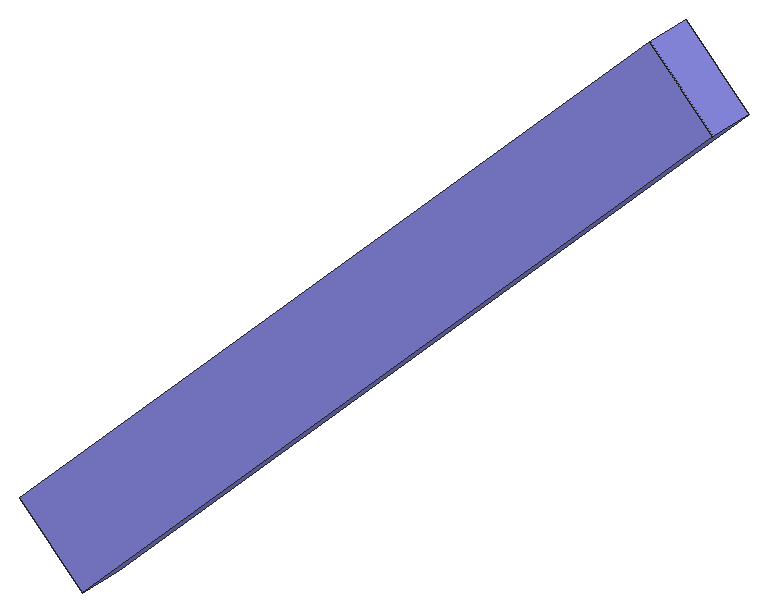
Revit family "配管サポート_溝形鋼", category Generic Models, Revit 2020
Family settings
  Can host rebar = No
  Round Connector Dimension = Use Diameter
  Part Type = Normal
  Work Plane-Based = Yes
  Always vertical = No
  Cut with Voids When Loaded = No
  Shared = No
  Room Calculation Point = No
Parameters (values of type "C 100 x 50")
  高さ = 100 mm
  長辺 [instance] = 長さ  # 1000 mm
  長さ [instance] = 1000 mm
  部屋名 = ""
  角度 [instance] = 45.00°
  Default Elevation = 1219.2 mm
  構造マテリアル = E102_配管サポート
  幅 = 50 mm
Types (10, lengths in mm): name | 高さ | 幅
  C 100 x 50 | 100 | 50
  C 125 x 65 | 125 | 65
  C 150 x 75 | 150 | 75
  C 180 x 75 | 180 | 75
  C 200 x 80 | 200 | 80
  C 200 x 90 | 200 | 90
  C 250 x 90 | 250 | 90
  C 300 x 90 | 300 | 90
  C 380 x 100 | 380 | 100
  C 75 x 40 | 75 | 40
Reference planes
  plane 1 "中心(正面/背面)": y = 0
  plane 2: z = 0
  plane 3 "中心(左/右)": x = 0
Lines and regions (mm)
  reference lines
    curve 1: line (0, 0, 0) -> (777.817, 0, 777.817)
    curve 2: line (35.355, 0, -35.355) -> (-35.355, 0, 35.355)
    curve 3: line (742.462, 0, 671.751) -> (671.751, 0, 742.462)
Dimensions and locks
  equal spacing: curve 2, curve 1, curve 2
  "高さ": curve 2 to curve 2
  equal spacing: curve 3, curve 1, curve 3
  "高さ": curve 3 to curve 3
  "長さ": curve 3 to curve 2
  "角度": angle level to curve 1
  angle curve 2 to curve 1 = 90.00°
  angle curve 3 to curve 1 = 90.00°
  aligned and locked: level to plane 2
  aligned and locked: level to curve 1
  aligned and locked: plane 3 "中心(左/右)" to curve 1
  aligned and locked: nested 1 to curve 1
Nested families
  nested 1: "溝形鋼" at (-35.355, 0, 35.355) x (0, 1, 0) z (0.7071, 0, -0.7071), 長さ <- "長さ", type "C 100 x 50"
    with 長辺 1000 mm, 長さ 1000 mm, 高さ 100 mm, 幅 50 mm
Definition of nested family "溝形鋼"
  Parameters (values of type "Ｈ 150 x 150")
    高さ = 150 mm
    長辺 [instance] = 長さ  # 500 mm
    長さ [instance] = 500 mm
    部屋名 = ""
    Default Elevation = 1219.2 mm
    構造マテリアル = none
    幅 = 150 mm
  Types (33, lengths in mm): name | 高さ | 長辺 | 長さ | 幅
    Ｈ 900 x 300 | 900 | 1000 | 1000 | 300
    Ｈ 800 x 300 | 800 | 1000 | 1000 | 300
    Ｈ 700 x 300 | 700 | 1000 | 1000 | 300
    Ｈ 588 x 300 | 588 | 1000 | 1000 | 300
    Ｈ 600 x 200 | 600 | 1000 | 1000 | 200
    Ｈ 488 x 300 | 488 | 1000 | 1000 | 300
    Ｈ 500 x 200 | 500 | 1000 | 1000 | 200
    Ｈ 440 x 300 | 440 | 1000 | 1000 | 300
    Ｈ 450 x 200 | 450 | 1000 | 1000 | 200
    Ｈ 400 x 400 | 400 | 1000 | 1000 | 400
    Ｈ 390 x 300 | 390 | 1000 | 1000 | 300
    Ｈ 400 x 200 | 400 | 1000 | 1000 | 200
    Ｈ 350 x 350 | 350 | 1000 | 1000 | 350
    Ｈ 340 x 250 | 340 | 1000 | 1000 | 250
    Ｈ 294 x 200 | 294 | 1000 | 1000 | 200
    Ｈ 244 x 175 | 244 | 1000 | 1000 | 175
    Ｈ 350 x 175 | 350 | 1000 | 1000 | 175
    Ｈ 300 x 300 | 300 | 1000 | 1000 | 300
    Ｈ 300 x 150 | 300 | 500 | 500 | 150
    Ｈ 250 x 250 | 250 | 500 | 500 | 250
    Ｈ 250 x 125 | 250 | 500 | 500 | 125
    Ｈ 200 x 200 | 200 | 500 | 500 | 200
    Ｈ 194 x 150 | 194 | 500 | 500 | 150
    Ｈ 200 x 100 | 200 | 500 | 500 | 100
    Ｈ 175 x 175 | 175 | 500 | 500 | 175
    Ｈ 175 x 90 | 175 | 500 | 500 | 90
    Ｈ 150 x 150 | 150 | 500 | 500 | 150
    Ｈ 148 x 100 | 148 | 500 | 500 | 100
    Ｈ 150 x 75 | 150 | 500 | 500 | 75
    Ｈ 125 x 125 | 125 | 500 | 500 | 125
    Ｈ 125 x 60 | 125 | 500 | 500 | 60
    Ｈ 100 x100 | 100 | 500 | 500 | 100
    Ｈ 100 x 50 | 100 | 500 | 500 | 50
  Reference planes
    plane 1 "中心(正面/背面)": y = 0
    plane 2: z = 0
    plane 3 "中心(左/右)": x = 0
    plane 4: z = 75
    plane 5: z = 150
  Forms (mm)
    Extrusion 1, solid, material <- "構造マテリアル"
      sketch origin (0, 0, 0) x (1, 0, 0) y (0, 1, 0)
        loop
          line (-75, 500) -> (-75, 0) -> (75, 0) -> (75, 500) -> (-75, 500)
      from 0 to 150
  Lines and regions (mm)
    reference lines
      curve 1: line (75, 500, 0) -> (-75, 500, 0)
      curve 2: line (75, 0, 0) -> (-75, 0, 0)
  Dimensions and locks
    "長さ": curve 1 to curve 2
    "幅": Extrusion 1 to Extrusion 1
    equal spacing: Extrusion 1, plane 3 "中心(左/右)", Extrusion 1
    "幅": curve 1 to curve 1
    equal spacing: curve 1, plane 3 "中心(左/右)", curve 1
    "幅": curve 2 to curve 2
    equal spacing: curve 2, plane 3 "中心(左/右)", curve 2
    equal spacing: plane 5, plane 4, level
    "高さ": plane 5 to level
    aligned and locked: level to plane 2
    aligned and locked: Extrusion 1 to curve 2
    aligned and locked: curve 1 to Extrusion 1
    aligned and locked: plane 5 to Extrusion 1
  Automatic sketch dimensions
    Extrusion 1 sketch curve to plane 3 "中心(左/右)" = 75 mm
    plane 3 "中心(左/右)" to Extrusion 1 sketch curve = 75 mm
    plane 1 "中心(正面/背面)" to Extrusion 1 sketch curve = 0 mm
    Extrusion 1 sketch curve to plane 1 "中心(正面/背面)" = 500 mm
    plane 1 "中心(正面/背面)" to curve 2 = 0 mm
